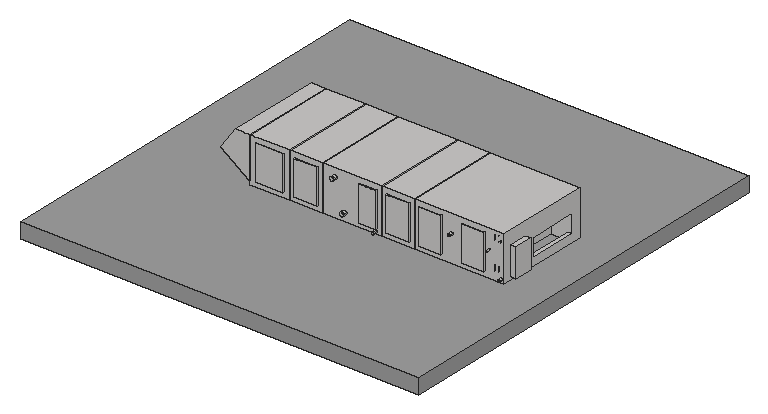
Revit family
Parameters
  Voltage = 480 V
  Unit Weight = 3319.00 lbf
  URL = "http://www.appliedair.com"
  Total Static Pressure [instance] = 0.00 in-wg
  Total Heating Capacity [instance] = 0.0 Btu/h
  Total Cooling Capacity [instance] = 0.0 Btu/h
  Temperature Rise [instance] = 0 °F
  Supply Air Pressure Drop [instance] = 0.00 in-wg
  Supply Air Outlet Flow [instance] = 0 CFM
  Supply Air Inlet Flow [instance] = 0 CFM
  Series = "IFL"  # constant formula
  Return Coil Horizontal Offset = 0' - 10"  # constant formula
  Return Air Inlet Flow [instance] = 0 CFM
  Return Air Flow Height = 1' - 8"  # constant formula
  Product URL = "http://www.appliedair.com/ifl.asp"
  Power Vertical Offset = 1' - 2 1/4"  # constant formula
  Power Horizontal Offset = 2' - 6"  # constant formula
  Power Connection Radius = 0' - 0 3/4"  # constant formula
  Phase = 3
  Number of Rows = 4
  Number of Poles = 3
  Nominal Width = 6' - 4"
  Nominal Length = 18' - 11 5/16"
  Nominal Height = 3' - 0"
  Motor Horsepower (HP) [instance] = 0
  Motor Brake Horsepower (BHP) [instance] = 0
  Motor Amps [instance] = 0 A
  Model = "20"
  Minimum Input = 6000.0 Btu/h
  Minimum Air Flow = 1500 CFM
  Maximum Output = 160000.0 Btu/h
  Maximum Input = 200000.0 Btu/h
  Maximum Air Flow = 5000 CFM
  Manufacturer = "Applied Air"  # constant formula
  M = 3' - 4"
  L = 1' - 2 1/2"
  K = 2' - 4 11/16"
  J = 0' - 6 3/8"
  Heating Leaving Water Temperature [instance] = 0 °F
  Heating Leaving Air Temperature Wet Bulb [instance] = 0 °F
  Heating Leaving Air Temperature Dry Bulb [instance] = 0 °F
  Heating Entering Water Temperature [instance] = 0 °F
  Heating Entering Air Temperature Wet Bulb [instance] = 0 °F
  Heating Entering Air Temperature Dry Bulb [instance] = 0 °F
  Gas Vertical Offset = 1' - 9"  # constant formula
  Gas Horizontal Offset = 0' - 11 1/2"  # constant formula
  Gas Connection Radius = 0' - 0 3/8"  # constant formula
  Filter Face Velocity [instance] = 0 FPM
  Fan Diameter [instance] = 0' - 0"
  Energy Efficiency Rating [instance] = 0
  Design Supply Air Flow [instance] = 0 CFM
  Design Return Air Flow [instance] = 0 CFM
  Condensate Drain Vertical Offset = 0' - 2 3/4"  # constant formula
  Condensate Drain Radius = 0' - 0 3/4"  # constant formula
  Gas Pressure Drop [instance] = 0.00 psi
  Condensate Drain Horizontal Offset = 0' - 1 27/32"  # constant formula
  Condensate Drain Connection Radius = Condensate Drain Radius  # 0' - 0 3/4"
  Furnace Size [instance] = ""
  Frequency = 60 Hz
  Fan Speed (RPM) [instance] = 0
  Drain Flow [instance] = 0 GPM
  Description = "Dedicated Outdoor Air Split System"  # constant formula
  Cooling Sensible Capacity [instance] = 0 Btu/h
  Cooling Leaving Air Temperature Wet Bulb [instance] = 0 °F
  Cooling Leaving Air Temperature Dry Bulb [instance] = 0 °F
  Cooling Entering Air Temperature Wet Bulb [instance] = 0 °F
  Cooling Entering Air Temperature Dry Bulb [instance] = 0 °F
  Cooling Coil Radius = 0' 3" / 2  # 0' - 1 1/2"
  H = 0' - 3 1/16"
  G = 1' - 11 5/16"
  Drain Vertical Offset = 0' - 2"  # constant formula
  Drain Radius = 0' - 1"  # constant formula
  Drain Horizontal Offset = 0' - 5"  # constant formula
  Default Elevation = 0' - 0"
  F = 2' - 2"  # constant formula
  E = 4' - 0"  # constant formula
  D = 5' - 4"
  Combustion Air Flow [instance] = 0 CFM
  Coils Depth = 0' - 3"  # constant formula
  Coil Face Area = if(Choose Coil Option = 1, 14.00 SF, if(Choose Coil Option = 2, 21.25 SF, if(Choose Coil Option = 3, 28.33 SF, 0.00 SF)))  # 21.25 SF
  Choose Coil Option = 2
  Chilled Water Pressure [instance] = 0.00 in-wg
  Chilled Water Flow [instance] = 0 GPM
  Coils Vertical Offsets = 0' - 6 143/256"  # constant formula
  Supply Coil Horizontal Offset = 1' - 6"  # constant formula
  Burner Amps [instance] = 0 A
  B = 6' - 0"
  Assembly Code = "D3030200"
  Apparent Power [instance] = (Motor Amps + Burner Amps) * Voltage * sqrt(if(Phase = 3, 3, 1))  # 0 VA
  AHU Material = Steel - Applied Air Metal - Series 400 - Galvanized
  42x48 CW Coils = Choose Coil Option = 1  # no
  45x68 CW Coils = Choose Coil Option = 2  # yes
  51x80 CW Coils = Choose Coil Option = 3  # no
Reference planes (in)
  plane 1 "Center (Front/Back)": y = 0
  plane 2: z = -0.00391
  plane 3 "Center (Left/Right)": x = 0
  plane 4: y = 38
  plane 5: y = -38
  plane 6: x = -24
  plane 7: x = 24
  plane 8: x = 50
  plane 9: z = 35.99609
  plane 10: x = 122
  plane 11: x = -50
  plane 12: x = -82
  plane 13: x = -105.3125
  plane 14: x = -14
  plane 15: x = -6
  plane 16: z = 6.55469
  plane 17: z = 29.4375
  plane 18: y = -41
  plane 19: x = 19
  plane 20: z = 1.99609
  plane 21: x = 80
  plane 22: z = 21.74609
  plane 23: z = 2.74609
  plane 24: x = 120.15625
  plane 25: x = 110.5
  plane 26: z = 20.99609
Forms (in)
  Extrusion 1, solid, material "Default"
    sketch origin (0, 0, 0) x (1, 0, 0) y (0, 1, 0)
      loop
        line (-164.84185, 166) -> (-164.84185, -165.6411) -> (155.35983, -165.6411) -> (155.35983, 166) -> (-164.84185, 166)
    from -0.00391 to -12
  Extrusion 2, solid, material "Steel - Applied Air Metal - Series 400 - Galvanized" <- "AHU Material"
    sketch origin (0.62705, 0, 0) x (1, 0, 0) y (0, 0, 1)
      loop
        line (-24.62705, 0) -> (23.37295, 0) -> (23.37295, 35.99609) -> (-24.62705, 35.99609) -> (-24.62705, 0)
    from -38 to 38
  Extrusion 3, solid, material "Steel - Applied Air Metal - Series 400 - Galvanized" <- "AHU Material"
    sketch origin (66.62705, 0, 0) x (1, 0, 0) y (0, 0, 1)
      loop
        line (-42.62705, 0) -> (-16.62705, 0) -> (-16.62705, 35.99609) -> (-42.62705, 35.99609) -> (-42.62705, 0)
    from -38 to 38
  Extrusion 4, solid, material "Steel - Applied Air Metal - Series 400 - Galvanized" <- "AHU Material"
    sketch origin (120.62705, 0, 0) x (1, 0, 0) y (0, 0, 1)
      loop
        line (-70.62705, 0) -> (1.37295, 0) -> (1.37295, 35.99609) -> (-70.62705, 35.99609) -> (-70.62705, 0)
    from -38 to 38
  Extrusion 5, solid, material "Steel - Applied Air Metal - Series 400 - Galvanized" <- "AHU Material"
    sketch origin (-17.37295, 0, 0) x (1, 0, 0) y (0, 0, 1)
      loop
        line (-32.62705, -0.00391) -> (-6.62705, -0.00391) -> (-6.62705, 35.99609) -> (-32.62705, 35.99609) -> (-32.62705, -0.00391)
    from -38 to 38
  Extrusion 6, solid, material "Steel - Applied Air Metal - Series 400 - Galvanized" <- "AHU Material"
    sketch origin (-41.37295, 0, 0) x (1, 0, 0) y (0, 0, 1)
      loop
        line (-40.62705, -0.00391) -> (-8.62705, -0.00391) -> (-8.62705, 35.99609) -> (-40.62705, 35.99609) -> (-40.62705, -0.00391)
    from -38 to 38
  Extrusion 7, solid, material "Steel - Applied Air Metal - Series 400 - Galvanized" <- "AHU Material"
    sketch origin (0, 0, 0) x (1, 0, 0) y (0, 0, 1)
      loop
        line (-105.3125, 18.99609) -> (-82, 2.74609) -> (-82, 35.99609) -> (-93.64494, 35.99609) -> (-105.3125, 18.99609)
    from -38 to 38
  Extrusion 8, void
    sketch origin (0, 0, 0) x (1, 0, 0) y (0, 1, 0)
      loop
        line (-75, 32) -> (-75, -32) -> (-55, -32) -> (-55, 32) -> (-75, 32)
    from -0.00391 to 31.59567
  Extrusion 9, void
    sketch origin (0, 0, 0) x (1, 0, 0) y (0, 1, 0)
      loop
        line (118.9375, -9.3125) -> (118.9375, 30.6875) -> (104.4375, 30.6875) -> (104.4375, -9.3125) -> (118.9375, -9.3125)
    from 0 to 21.23232
  Extrusion 10, void
    sketch origin (0, 0, 0) x (1, 0, 0) y (0, 0, 1)
      loop
        line (122, 6.37109) -> (122, 20.87109) -> (104.4375, 20.87109) -> (104.4375, 6.37109) -> (122, 6.37109)
    from -30.6875 to 9.3125
  Extrusion 11, solid, material "Steel - Applied Air Metal - Series 400 - Galvanized" <- "AHU Material", detail levels medium+fine
    sketch origin (0, 0, 0) x (1, 0, 0) y (0, 1, 0)
      loop
        line (122, -17) -> (122, -32) -> (127, -32) -> (127, -17) -> (122, -17)
    from 3.06225 to 25.87762
  Extrusion 12, solid, material "Steel - Applied Air Metal - Series 400 - Galvanized" <- "AHU Material", detail levels fine
    sketch origin (0, 0, 0) x (1, 0, 0) y (0, 0, 1)
      loop
        circle (-6, 6.55469) r 1.5
      loop
        circle (-14, 29.4375) r 1.5
      loop
        circle (19, 1.99609) r 1
      loop
        circle (80, 21.74609) r 0.75
      loop
        circle (120.15625, 2.74609) r 0.75
      loop
        circle (110.5, 20.99609) r 0.375
    from 38 to 41
  Extrusion 13, solid, material "Steel - Applied Air Metal - Series 400 - Galvanized" <- "AHU Material", detail levels medium+fine
    sketch origin (0, -38, 0) x (1, 0, 0) y (0, 0, 1)
      loop
        line (-55, 31.99609) -> (-77, 31.99609) -> (-77, 3.99609) -> (-55, 3.99609) -> (-55, 31.99609)
      loop
        line (-28, 31.99609) -> (-46, 31.99609) -> (-46, 3.99609) -> (-28, 3.99609) -> (-28, 31.99609)
      loop
        line (20, 31.99609) -> (6, 31.99609) -> (6, 3.99609) -> (20, 3.99609) -> (20, 31.99609)
      loop
        line (46, 31.99609) -> (28, 31.99609) -> (28, 3.99609) -> (46, 3.99609) -> (46, 31.99609)
      loop
        line (72, 31.99609) -> (54, 31.99609) -> (54, 3.99609) -> (72, 3.99609) -> (72, 31.99609)
      loop
        line (107, 31.99609) -> (89, 31.99609) -> (89, 3.99609) -> (107, 3.99609) -> (107, 31.99609)
    from 0 to 1
  Extrusion 14, void
    sketch origin (0, 0, 0) x (1, 0, 0) y (0, 0, 1)
      loop
        line (114.55215, 32.70523) -> (114.55215, 32.20523) -> (116.80215, 32.20523) -> (116.80215, 32.70523) -> (114.55215, 32.70523)
      loop
        line (117.55215, 32.70523) -> (117.55215, 32.20523) -> (119.80215, 32.20523) -> (119.80215, 32.70523) -> (117.55215, 32.70523)
      loop
        line (114.55215, 33.45523) -> (114.55215, 32.95523) -> (116.80215, 32.95523) -> (116.80215, 33.45523) -> (114.55215, 33.45523)
      loop
        line (117.55215, 33.45523) -> (117.55215, 32.95523) -> (119.80215, 32.95523) -> (119.80215, 33.45523) -> (117.55215, 33.45523)
      loop
        line (114.55215, 31.95523) -> (114.55215, 31.45523) -> (116.80215, 31.45523) -> (116.80215, 31.95523) -> (114.55215, 31.95523)
      loop
        line (117.55215, 31.95523) -> (117.55215, 31.45523) -> (119.80215, 31.45523) -> (119.80215, 31.95523) -> (117.55215, 31.95523)
      loop
        line (114.55215, 31.20523) -> (114.55215, 30.70523) -> (116.80215, 30.70523) -> (116.80215, 31.20523) -> (114.55215, 31.20523)
      loop
        line (117.55215, 31.20523) -> (117.55215, 30.70523) -> (119.80215, 30.70523) -> (119.80215, 31.20523) -> (117.55215, 31.20523)
      loop
        line (114.55215, 30.45523) -> (114.55215, 29.95523) -> (116.80215, 29.95523) -> (116.80215, 30.45523) -> (114.55215, 30.45523)
      loop
        line (117.55215, 30.45523) -> (117.55215, 29.95523) -> (119.80215, 29.95523) -> (119.80215, 30.45523) -> (117.55215, 30.45523)
      loop
        line (114.55215, 29.70523) -> (114.55215, 29.20523) -> (116.80215, 29.20523) -> (116.80215, 29.70523) -> (114.55215, 29.70523)
      loop
        line (117.55215, 29.70523) -> (117.55215, 29.20523) -> (119.80215, 29.20523) -> (119.80215, 29.70523) -> (117.55215, 29.70523)
      loop
        line (114.55215, 7.78696) -> (116.80215, 7.78696) -> (116.80215, 8.28696) -> (114.55215, 8.28696) -> (114.55215, 7.78696)
      loop
        line (117.55215, 7.78696) -> (119.80215, 7.78696) -> (119.80215, 8.28696) -> (117.55215, 8.28696) -> (117.55215, 7.78696)
      loop
        line (114.55215, 7.03696) -> (116.80215, 7.03696) -> (116.80215, 7.53696) -> (114.55215, 7.53696) -> (114.55215, 7.03696)
      loop
        line (117.55215, 7.03696) -> (119.80215, 7.03696) -> (119.80215, 7.53696) -> (117.55215, 7.53696) -> (117.55215, 7.03696)
      loop
        line (114.55215, 8.53696) -> (116.80215, 8.53696) -> (116.80215, 9.03696) -> (114.55215, 9.03696) -> (114.55215, 8.53696)
      loop
        line (117.55215, 8.53696) -> (119.80215, 8.53696) -> (119.80215, 9.03696) -> (117.55215, 9.03696) -> (117.55215, 8.53696)
      loop
        line (114.55215, 9.28696) -> (116.80215, 9.28696) -> (116.80215, 9.78696) -> (114.55215, 9.78696) -> (114.55215, 9.28696)
      loop
        line (117.55215, 9.28696) -> (119.80215, 9.28696) -> (119.80215, 9.78696) -> (117.55215, 9.78696) -> (117.55215, 9.28696)
      loop
        line (114.55215, 10.03696) -> (116.80215, 10.03696) -> (116.80215, 10.53696) -> (114.55215, 10.53696) -> (114.55215, 10.03696)
      loop
        line (117.55215, 10.03696) -> (119.80215, 10.03696) -> (119.80215, 10.53696) -> (117.55215, 10.53696) -> (117.55215, 10.03696)
      loop
        line (114.55215, 10.78696) -> (116.80215, 10.78696) -> (116.80215, 11.28696) -> (114.55215, 11.28696) -> (114.55215, 10.78696)
      loop
        line (117.55215, 10.78696) -> (119.80215, 10.78696) -> (119.80215, 11.28696) -> (117.55215, 11.28696) -> (117.55215, 10.78696)
    from 32 to 38
Cuts and joins
  Extrusion 8 cuts Extrusion 6
  Extrusion 9, Extrusion 10, Extrusion 14 cuts Extrusion 4
Lines and regions (in)
  symbolic lines
    curve 1: line (122, -38, -0.00391) -> (122, 38, -0.00391)
    curve 2: line (122, 38, -0.00391) -> (-105.3125, 38, -0.00391)
    curve 3: line (-105.3125, 38, -0.00391) -> (-105.3125, -38, -0.00391)
    curve 4: line (-105.3125, -38, -0.00391) -> (122, -38, -0.00391)
  symbolic lines, detail levels fine
    curve 5: line (-93.64494, -38, -0.00391) -> (-93.64494, 38, -0.00391)
    curve 6: line (-82, 38, -0.00391) -> (-82, -38, -0.00391)
    curve 7: line (-50, 38, -0.00391) -> (-50, -38, -0.00391)
    curve 8: line (-24, 38, -0.00391) -> (-24, -38, -0.00391)
    curve 9: line (24, 38, -0.00391) -> (24, -38, -0.00391)
    curve 10: line (50, 38, -0.00391) -> (50, -38, -0.00391)
  symbolic lines, detail levels medium+fine
    curve 11: line (127, -17, -0.00391) -> (122, -17, -0.00391)
    curve 12: line (127, -32, -0.00391) -> (127, -17, -0.00391)
    curve 13: line (122, -32, -0.00391) -> (127, -32, -0.00391)
Dimensions and locks (in)
  "Nominal Width": plane 5 to plane 4
  "E": plane 6 to plane 7
  equal spacing: plane 6, plane 3 "Center (Left/Right)", plane 7
  "Nominal Height": plane 9 to plane 2
  "F": plane 7 to plane 8
  "F": plane 11 to plane 6
  locked: plane 12 to plane 11 at 32
  "B": plane 8 to plane 10
  "G": plane 13 to plane 12
  "D": Extrusion 8 sketch curve to Extrusion 8 sketch curve
  "Return Air Flow Height": Extrusion 8 sketch curve to Extrusion 8 sketch curve
  "K": plane 5 to Extrusion 9 sketch curve
  "M": Extrusion 9 sketch curve to Extrusion 9 sketch curve
  "H": Extrusion 9 sketch curve to plane 10
  "L": Extrusion 9 sketch curve to Extrusion 9 sketch curve
  "J": Extrusion 10 sketch curve to plane 2
  "L": Extrusion 10 sketch curve to Extrusion 10 sketch curve
  "K": cut or joined group of Extrusion 4, Extrusion 9, Extrusion 10, Extrusion 14 to plane 5
  "M": cut or joined group of Extrusion 4, Extrusion 9, Extrusion 10, Extrusion 14 to cut or joined group of Extrusion 4, Extrusion 9, Extrusion 10, Extrusion 14
  plane 9 to Extrusion 11 = 0' - 10.11847"
  locked: Extrusion 11 to Extrusion 11 at 22.81538
  locked: Extrusion 11 to plane 2 at 3.06615
  locked: Extrusion 11 to Extrusion 11 at 5
  "Coils Depth": plane 18 to plane 5
  "Coils Vertical Offsets": plane 16 to plane 2
  "Coils Vertical Offsets": plane 9 to plane 17
  "Return Coil Horizontal Offset": plane 6 to plane 14
  "Supply Coil Horizontal Offset": plane 6 to plane 15
  "Drain Vertical Offset": plane 20 to plane 2
  "Drain Horizontal Offset": plane 19 to plane 7
  locked: plane 12 to Extrusion 13 sketch curve at 5
  locked: Extrusion 13 sketch curve to plane 11 at 5
  locked: plane 9 to Extrusion 13 sketch curve at 4  (x6)
  locked: Extrusion 13 sketch curve to plane 2 at 4  (x6)
  locked: plane 11 to Extrusion 13 sketch curve at 4
  locked: Extrusion 13 sketch curve to plane 6 at 4
  locked: plane 6 to Extrusion 13 sketch curve at 30
  locked: Extrusion 13 sketch curve to plane 7 at 4
  locked: plane 7 to Extrusion 13 sketch curve at 4
  locked: Extrusion 13 sketch curve to plane 8 at 4
  locked: plane 8 to Extrusion 13 sketch curve at 4
  locked: Extrusion 13 sketch curve to Extrusion 13 sketch curve at 17
  locked: Extrusion 13 sketch curve to plane 10 at 15
  "Power Vertical Offset": plane 9 to plane 22
  "Power Horizontal Offset": plane 8 to plane 21
  locked: Extrusion 13 to plane 5 at 1
  "Condensate Drain Vertical Offset": plane 23 to plane 2
  plane 13 to plane 10 = 18' - 11 5/16"
  "Condensate Drain Horizontal Offset": plane 24 to plane 10
  locked: Extrusion 7 sketch curve to plane 13 at 0
  locked: Extrusion 7 sketch curve to plane 12 at 0
  locked: Extrusion 7 sketch curve to plane 23 at 0
  locked: plane 17 to Extrusion 7 sketch curve at 10.44141
  "Gas Vertical Offset": plane 26 to plane 2
  "Gas Horizontal Offset": plane 25 to plane 10
  locked: Extrusion 12 sketch curve to plane 14 at 0
  locked: Extrusion 12 sketch curve to plane 15 at 0
  locked: Extrusion 12 sketch curve to plane 19 at 0
  locked: Extrusion 12 sketch curve to plane 21 at 0
  locked: Extrusion 12 sketch curve to plane 25 at 0
  locked: Extrusion 12 sketch curve to plane 23 at 0
  locked: Extrusion 12 sketch curve to plane 24 at 0
  locked: Extrusion 12 sketch curve to plane 20 at 0
  locked: Extrusion 12 sketch curve to plane 16 at 0
  locked: Extrusion 12 sketch curve to plane 26 at 0
  locked: Extrusion 12 sketch curve to plane 22 at 0
  locked: Extrusion 12 sketch curve to plane 17 at 0
  locked: Extrusion 8 sketch curve to plane 11 at 5
  locked: cut or joined group of Extrusion 6, Extrusion 8 to plane 2 at 31.59958
  "Cooling Coil Radius": radius of Extrusion 12 sketch curve  (x2)
  "Drain Radius": radius of Extrusion 12 sketch curve
  "Power Connection Radius": radius of Extrusion 12 sketch curve
  "Condensate Drain Connection Radius": radius of Extrusion 12 sketch curve
  "Gas Connection Radius": radius of Extrusion 12 sketch curve
  aligned and locked: plane 2 to Extrusion 1
  aligned and locked: Extrusion 2 to plane 4
  aligned and locked: plane 5 to Extrusion 2
  aligned and locked: plane 6 to Extrusion 2
  aligned and locked: plane 7 to Extrusion 2
  aligned and locked: plane 7 to Extrusion 3
  aligned and locked: Extrusion 3 to plane 8
  aligned and locked: plane 9 to Extrusion 2
  aligned and locked: Extrusion 3 to Extrusion 2
  aligned and locked: plane 5 to Extrusion 3
  aligned and locked: Extrusion 3 to plane 4
  aligned and locked: Extrusion 4 to plane 9
  aligned and locked: plane 8 to Extrusion 4
  aligned and locked: Extrusion 4 to plane 10
  aligned and locked: plane 5 to Extrusion 4
  aligned and locked: Extrusion 4 to plane 4
  aligned and locked: Extrusion 5 to plane 6
  aligned and locked: plane 11 to Extrusion 5
  aligned and locked: Extrusion 5 to plane 9
  aligned and locked: Extrusion 5 to plane 2
  aligned and locked: Extrusion 5 to plane 4
  aligned and locked: plane 5 to Extrusion 5
  aligned and locked: plane 5 to Extrusion 6
  aligned and locked: Extrusion 6 to plane 4
  aligned and locked: plane 12 to Extrusion 6
  aligned and locked: Extrusion 6 to plane 11
  aligned and locked: Extrusion 6 to plane 9
  aligned and locked: Extrusion 6 to plane 2
  aligned and locked: Extrusion 7 to plane 9
  aligned and locked: plane 13 to Extrusion 7
  aligned and locked: Extrusion 7 to plane 12
  aligned and locked: Extrusion 7 to plane 4
  aligned and locked: plane 5 to Extrusion 7
  aligned and locked: Extrusion 9 to level
  aligned and locked: cut or joined group of Extrusion 4, Extrusion 9, Extrusion 10, Extrusion 14 to Extrusion 10 sketch curve
  aligned and locked: plane 10 to Extrusion 10 sketch curve
  aligned and locked: plane 10 to Extrusion 11
  aligned and locked: plane 5 to Extrusion 12
  aligned and locked: plane 18 to Extrusion 12
  aligned and locked: Extrusion 13 to plane 5
  aligned and locked: cut or joined group of Extrusion 4, Extrusion 9, Extrusion 10, Extrusion 14 to plane 5
  aligned and locked: cut or joined group of Extrusion 6, Extrusion 8 to plane 2
  aligned and locked: curve 1 to plane 10
  aligned and locked: curve 2 to plane 4
  aligned and locked: plane 5 to curve 4
  aligned and locked: plane 13 to curve 3
  aligned and locked: plane 12 to curve 6
  aligned and locked: plane 11 to curve 7
  aligned and locked: plane 6 to curve 8
  aligned and locked: plane 7 to curve 9
  aligned and locked: plane 8 to curve 10
  aligned and locked: curve 11 to Extrusion 11
  aligned and locked: curve 12 to Extrusion 11
  aligned and locked: curve 13 to Extrusion 11
Automatic sketch dimensions
  Extrusion 1 sketch curve to Extrusion 1 sketch curve = 26' - 8.20168"
  Extrusion 1 sketch curve to Extrusion 1 sketch curve = 27' - 7.6411"
  Extrusion 2 sketch curve to level = 0' - 0"
  Extrusion 2 sketch curve to plane 6 = 0' - 0"
  Extrusion 2 sketch curve to plane 7 = 0' - 0"
  Extrusion 2 sketch curve to plane 9 = 0' - 0"
  Extrusion 3 sketch curve to level = 0' - 0"
  Extrusion 3 sketch curve to plane 7 = 0' - 0"
  Extrusion 3 sketch curve to plane 8 = 0' - 0"
  Extrusion 3 sketch curve to plane 9 = 0' - 0"
  Extrusion 4 sketch curve to level = 0' - 0"
  Extrusion 4 sketch curve to plane 8 = 0' - 0"
  Extrusion 4 sketch curve to plane 9 = 0' - 0"
  Extrusion 4 sketch curve to plane 10 = 0' - 0"
  Extrusion 5 sketch curve to plane 2 = 0' - 0"
  Extrusion 5 sketch curve to plane 11 = 0' - 0"
  Extrusion 5 sketch curve to plane 6 = 0' - 0"
  Extrusion 5 sketch curve to plane 9 = 0' - 0"
  Extrusion 6 sketch curve to plane 2 = 0' - 0"
  Extrusion 6 sketch curve to plane 12 = 0' - 0"
  Extrusion 6 sketch curve to plane 9 = 0' - 0"
  Extrusion 6 sketch curve to plane 11 = 0' - 0"
  Extrusion 8 sketch curve to plane 5 = 0' - 6"
  Extrusion 11 sketch curve to plane 10 = 0' - 0"
  Extrusion 11 sketch curve to plane 10 = 0' - 5"
  Extrusion 11 sketch curve to plane 5 = 0' - 6"
  Extrusion 11 sketch curve to Extrusion 11 sketch curve = 1' - 3"
  Extrusion 13 sketch curve to Extrusion 13 sketch curve = 1' - 6"
  Extrusion 14 sketch curve to plane 17 = 0' - 3.26773"
  plane 10 to Extrusion 14 sketch curve = 0' - 7.44785"  (x2)
  Extrusion 14 sketch curve to Extrusion 14 sketch curve = 0' - 0"  (x37)
  plane 17 to Extrusion 14 sketch curve = 0' - 0.23227"  (x2)
  Extrusion 14 sketch curve to Extrusion 14 sketch curve = 0' - 2 1/4"  (x3)
  Extrusion 14 sketch curve to Extrusion 14 sketch curve = 0' - 0 3/4"  (x4)
  plane 10 to Extrusion 14 sketch curve = 0' - 2.19785"  (x3)
  plane 22 to Extrusion 14 sketch curve = 0' - 10.45913"
  Extrusion 14 sketch curve to Extrusion 14 sketch curve = 0' - 0 1/2"  (x21)
  Extrusion 14 sketch curve to Extrusion 14 sketch curve = 0' - 0 1/4"  (x20)
  Extrusion 14 sketch curve to plane 17 = 0' - 0.26773"  (x2)
  Extrusion 7 sketch curve to plane 9 = 0' - 0"
  plane 12 to Extrusion 7 sketch curve = 0' - 11.64494"
  plane 12 to curve 5 = 0' - 11.64494"
Connectors (in)
  hvac at (-65, 0, -0.00391), driven by "D", driven by "Return Air Flow Height", driven by "Return Air Inlet Flow"
    settings: on cut or joined group of Extrusion 6, Extrusion 8, index 2
  hvac at (111.6875, 10.6875, 0), driven by "M", driven by "L", driven by "Supply Air Outlet Flow"
    settings: on cut or joined group of Extrusion 4, Extrusion 9, Extrusion 10, Extrusion 14, index 3
  hvac at (122, 10.6875, 13.62109), driven by "M", driven by "L", driven by "Supply Air Outlet Flow"
    settings: on cut or joined group of Extrusion 4, Extrusion 9, Extrusion 10, Extrusion 14, index 4
  piping at (-14, -41, 29.4375), driven by "Cooling Coil Radius", driven by "Chilled Water Pressure", driven by "Chilled Water Flow"
    settings: on Extrusion 12, index 5
  piping at (-6, -41, 6.55469), driven by "Cooling Coil Radius", driven by "Chilled Water Flow", driven by "Chilled Water Pressure"
    settings: on Extrusion 12, index 6
  piping at (19, -41, 1.99609), driven by "Drain Radius", driven by "Drain Flow"
    settings: on Extrusion 12, index 7
  electrical at (80, -41, 21.74609), driven by "Number of Poles", driven by "Apparent Power", driven by "Voltage"
    settings: on Extrusion 12, index 8
  piping at (120.15625, -41, 2.74609), driven by "Condensate Drain Radius", driven by "Drain Flow", driven by "Gas Pressure Drop"
    settings: on Extrusion 12, index 9
  piping at (110.5, -41, 20.99609), driven by "Gas Pressure Drop", driven by "Gas Connection Radius"
    settings: on Extrusion 12, index 10
  hvac at (-93.65625, 0, 10.87109), driven by "D", driven by "Return Air Flow Height", driven by "Supply Air Inlet Flow"
    settings: on Extrusion 7, index 11
